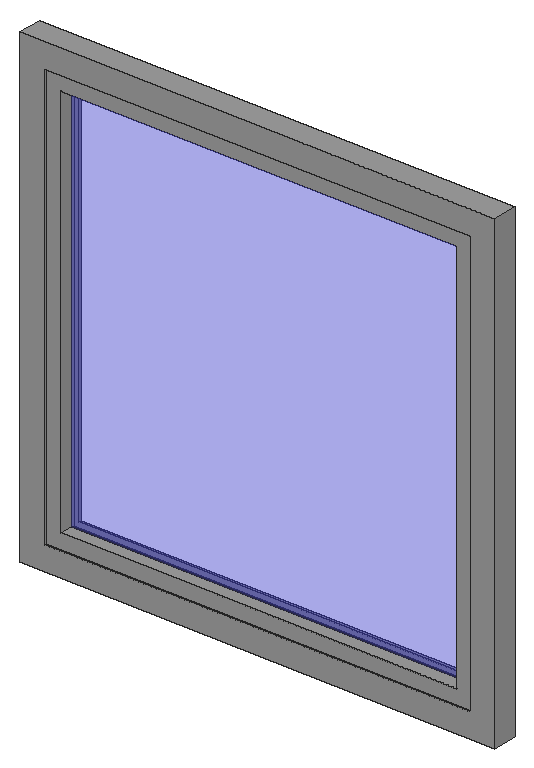
Revit family "12PL OC001_v02", category Windows, host Wall, Revit 2015
Parameters
  Wall Thickness [instance] = 0' - 6"
  URL = "obe.com"
  Rough Width = Width + 0' 0 1/2"  # 4' - 0 1/2"
  Rough Height = Height + 0' 0 1/2"  # 4' - 0 1/2"
  Offset Limitation [instance] = if((Offset + 0' 2 1/2") > Wall Thickness, (Wall Thickness - 0' 2 1/2"), Offset)  # 0' - 0"
  Offset [instance] = 0' - 0"
  Model = "12PL OC001"
  Manufacturer = "Oldcastle Building Envelope®"
  Keynote = "08 51 00"
  Height = 4' - 0"
  Glass Material = Glass
  Frame Material = Aluminum
  Description = "SIGNATURE SERIES 12PL"
  Default Sill Height = 3' - 0"
  Wall Closure = By host
  Width = 4' - 0"
  Construction Type = ""
  Assembly Code = "B2020"
  Analytic Construction = "<None>"
Reference planes (in)
  plane 1 "Center (Front/Back)": y = 0
  plane 2: z = 0
  plane 3 "Center (Left/Right)": x = 0
  plane 4 "Left": x = -24.25
  plane 5 "Right": x = 24.25
  plane 6 "Sill": z = 36
  plane 7 "Top": z = 84.5
  plane 8: x = 24
  plane 9: x = -24
  plane 10: z = 84.25
  plane 11: z = 36.25
  plane 12 "Offset": y = 3
  plane 13: z = 80.9995
  plane 14: z = 39.5005
  plane 15 "EXT": y = 2.96875
  plane 16: z = 60.25
Forms (in)
  Sweep 1, solid, material "Aluminum" <- "Frame Material"
    path origin (0, 3, 0) x (1, 0, 0) y (0, 0, 1)
      loop
        line (-24, 83.125) -> (-24, 37.375)
    profile origin (-24, 3, 60.25) x (0, -1, 0) y (1, 0, 0)
      loop
        line (-0.15625, 1.125) -> (-0.15625, 2.063) -> (2.3125, 2.063) -> (2.3125, 3.751) -> (1.03125, 3.751) -> (1.03125, 3.2505) -> (0.03125, 3.2505) -> (0.03125, 3.7505) -> (-0.25, 3.7505) -> (-0.25, 1.125) -> (-0.15625, 1.125)
  Sweep 2, solid, material "Aluminum" <- "Frame Material"
    path origin (0, 3, 0) x (-1, 0, 0) y (0, 0, 1)
      loop
        line (-24, 83.125) -> (-24, 37.375)
    profile origin (24, 3, 60.25) x (0, -1, 0) y (1, 0, 0)
      loop
        line (-0.15625, -1.125) -> (-0.25, -1.125) -> (-0.25, -3.7505) -> (0.03125, -3.7505) -> (0.03125, -3.2505) -> (1.03125, -3.2505) -> (1.03125, -3.751) -> (2.3125, -3.751) -> (2.3125, -2.063) -> (-0.15625, -2.063) -> (-0.15625, -1.125)
  Sweep 3, solid, material "Aluminum" <- "Frame Material"
    path origin (0, 3, 0) x (1, 0, 0) y (0, 0, 1)
      loop
        line (-22.875, 36.25) -> (22.875, 36.25)
    profile origin (0, 3, 36.25) x (0, 0, 1) y (0, -1, 0)
      loop
        line (1.125, -0.15625) -> (1.125, -0.25) -> (3.7505, -0.25) -> (3.7505, 0.03125) -> (3.2505, 0.03125) -> (3.2505, 1.03125) -> (3.751, 1.03125) -> (3.751, 2.3125) -> (2.063, 2.3125) -> (2.063, -0.15625) -> (1.125, -0.15625)
  Sweep 4, solid, material "Aluminum" <- "Frame Material"
    path origin (0, 3, 120.5) x (1, 0, 0) y (0, 0, -1)
      loop
        line (-22.875, 36.25) -> (22.875, 36.25)
    profile origin (0, 3, 84.25) x (0, 0, 1) y (0, -1, 0)
      loop
        line (-1.125, -0.15625) -> (-2.063, -0.15625) -> (-2.063, 2.3125) -> (-3.751, 2.3125) -> (-3.751, 1.03125) -> (-3.2505, 1.03125) -> (-3.2505, 0.03125) -> (-3.7505, 0.03125) -> (-3.7505, -0.25) -> (-1.125, -0.25) -> (-1.125, -0.15625)
  Extrusion 5, solid, material "Glass" <- "Glass Material", detail levels coarse
    sketch origin (0, 0, 36) x (0, -1, 0) y (1, 0, 0)
      loop
        line (-2.96875, 20.7495) -> (-2.96875, -20.7495) -> (-1.96875, -20.7495) -> (-1.96875, 20.7495) -> (-2.96875, 20.7495)
    from 3.5005 to 44.9995
  Extrusion 6, solid, material "Glass" <- "Glass Material", detail levels medium+fine
    sketch origin (0, 0, 36) x (0, -1, 0) y (1, 0, 0)
      loop
        line (-2.96875, -20.7495) -> (-2.71875, -20.7495) -> (-2.71875, 20.7495) -> (-2.96875, 20.7495) -> (-2.96875, -20.7495)
      loop
        line (-2.20605, 20.7495) -> (-2.20605, -20.7495) -> (-1.96875, -20.7495) -> (-1.96875, 20.7495) -> (-2.20605, 20.7495)
    from 3.5005 to 44.9995
  Sweep 7, solid, material "Aluminum" <- "Frame Material"
    path origin (0, 3, 0) x (1, 0, 0) y (0, 0, 1)
      loop
        line (24.25, 84.25) -> (-24.25, 84.25)
    profile origin (0, 3, 84.25) x (0, 0, -1) y (0, -1, 0)
      loop
        line (2.25, 2.5) -> (-0.25, 2.5) -> (-0.25, 0) -> (1.375, 0) -> (1.375, 2.40625) -> (2.25, 2.40625) -> (2.25, 2.5)
  Sweep 8, solid, material "Aluminum" <- "Frame Material"
    path origin (0, 3, 0) x (1, 0, 0) y (0, 0, 1)
      loop
        line (24.25, 36.25) -> (-24.25, 36.25)
    profile origin (0, 3, 36.25) x (0, 0, -1) y (0, -1, 0)
      loop
        line (-1.375, 0) -> (0.25, 0) -> (0.25, 2.5) -> (-2.25, 2.5) -> (-2.25, 2.40625) -> (-1.375, 2.40625) -> (-1.375, 0)
  Sweep 9, solid, material "Aluminum" <- "Frame Material"
    path origin (0, 3, 0) x (1, 0, 0) y (0, 0, 1)
      loop
        line (-24, 84.5) -> (-24, 36)
    profile origin (-24, 3, 60.25) x (0, -1, 0) y (1, 0, 0)
      loop
        line (2.5, 2.25) -> (2.40625, 2.25) -> (2.40625, 1.375) -> (0, 1.375) -> (0, -0.25) -> (2.5, -0.25) -> (2.5, 2.25)
  Sweep 10, solid, material "Aluminum" <- "Frame Material"
    path origin (0, 3, 0) x (1, 0, 0) y (0, 0, 1)
      loop
        line (24.25, 36) -> (24.25, 84.5)
    profile origin (24.25, 3, 60.25) x (-1, 0, 0) y (0, -1, 0)
      loop
        line (1.625, 0) -> (1.625, 2.40625) -> (2.5, 2.40625) -> (2.5, 2.5) -> (0, 2.5) -> (0, 0) -> (1.625, 0)
Cuts and joins
  joined: Sweep 1, Sweep 2, Sweep 3, Sweep 4
  joined: Sweep 7, Sweep 8, Sweep 9, Sweep 10
Lines and regions (in)
  Opening 1
    outline origin (-60.68597, -3, 0) x (1, 0, 0) y (0, 0, 1)
      loop
        line (36.43597, 84.5) -> (36.43597, 36) -> (84.93597, 36) -> (84.93597, 84.5) -> (36.43597, 84.5)
  model lines, style "Opening Direction"
    curve 1: line (-20.249, 2.96875, 80.499) -> (20.249, 2.96875, 60.25)
    curve 2: line (20.249, 2.96875, 60.25) -> (-20.249, 2.96875, 40.001)
Text (in)
  text "EXTERIOR" at (-58.6888, 50.90694, 0), in view "Ref. Level"
  text "INTERIOR" at (-58.6888, -47.76638, 0), in view "Ref. Level"
  text "Exterior" at (0, 43.65631, 123.19604), in view "Left"
  text "Exterior" at (0, 18.29385, 125.04747), in view "Right"
  text "Min Operable Size\n\n18\" width x 18\" height\n\n\n\nMax Operable Size\n\n48\" x 72\"\n\n\n\nMax Operable Area\n\n15 square feet\n\n\n\n\n\nOperable Width must be less than or equal to height." at (92.63041, 50.90694, 0), in view "Ref. Level"
Dimensions and locks (in)
  equal spacing: plane 4 "Left", plane 3 "Center (Left/Right)", plane 5 "Right"
  "Rough Height": plane 6 "Sill" to plane 7 "Top"
  "Default Sill Height": plane 2 to plane 6 "Sill"
  locked: plane 6 "Sill" to plane 11 at 0.25
  locked: plane 8 to plane 5 "Right" at 0.25
  "Height": plane 11 to plane 10
  "Offset Limitation": plane 12 "Offset" to host wall
  "Wall Thickness": host wall to host wall
  "Width": plane 9 to plane 8
  "Rough Width": plane 4 "Left" to plane 5 "Right"
  Extrusion 5 sketch curve to Extrusion 5 sketch curve to plane 12 "Offset" = 0' - 1" locked, 0' - 0 1/32" locked
  locked: plane 13 to plane 10 at 3.2505
  locked: plane 11 to plane 14 at 3.2505
  Extrusion 6 sketch curve to Extrusion 6 sketch curve to Extrusion 6 sketch curve to Extrusion 6 sketch curve to plane 12 "Offset" = 0' - 0.2373" locked, 0' - 0.5127" locked, 0' - 0 1/4" locked, 0' - 0 1/32" locked
  locked: plane 15 "EXT" to plane 12 "Offset" at 0.03125
  equal spacing: plane 6 "Sill", plane 16, plane 7 "Top"
  locked: Sweep 2 sketch curve to plane 10 at 1.125
  locked: plane 11 to Sweep 2 sketch curve at 1.125
  locked: plane 9 to Sweep 3 sketch curve at 1.125
  locked: Sweep 3 sketch curve to plane 8 at 1.125
  locked: plane 6 "Sill" to Sweep 1 sketch curve at 1.375
  locked: Sweep 1 sketch curve to plane 7 "Top" at 1.375
  locked: Sweep 4 sketch curve to plane 5 "Right" at 1.375
  locked: plane 4 "Left" to Sweep 4 sketch curve at 1.375
  aligned and locked: plane 7 "Top" to Opening 1 sketch curve
  aligned and locked: plane 6 "Sill" to Opening 1 sketch curve  (x2)
  aligned and locked: plane 5 "Right" to Opening 1 sketch curve
  aligned and locked: plane 4 "Left" to Opening 1 sketch curve
  aligned and locked: level to plane 2
  aligned and locked: nested 2 to plane 11
  aligned and locked: plane 9 to Sweep 1 sketch curve
  aligned and locked: Sweep 2 sketch curve to plane 8
  aligned and locked: plane 11 to Sweep 3 sketch curve
  aligned and locked: Sweep 4 sketch curve to plane 10
  aligned and locked: Extrusion 5 to plane 13
  aligned and locked: plane 14 to Extrusion 5
  aligned and locked: nested 1 to plane 11
  aligned and locked: plane 12 "Offset" to nested 1
  aligned and locked: plane 3 "Center (Left/Right)" to nested 2
  aligned and locked: plane 12 "Offset" to nested 2
  aligned and locked: plane 14 to Extrusion 6
  aligned and locked: Extrusion 6 to plane 13
  aligned and locked: plane 16 to curve 1
  aligned and locked: plane 4 "Left" to Sweep 7 sketch curve
  aligned and locked: plane 5 "Right" to Sweep 7 sketch curve
  aligned and locked: plane 11 to Sweep 8 sketch curve
  aligned and locked: plane 4 "Left" to Sweep 8 sketch curve
  aligned and locked: plane 5 "Right" to Sweep 8 sketch curve
  aligned and locked: Sweep 9 sketch curve to plane 9
  aligned and locked: plane 6 "Sill" to Sweep 9 sketch curve
  aligned and locked: plane 7 "Top" to Sweep 9 sketch curve
  aligned and locked: plane 5 "Right" to Sweep 10 sketch curve
  aligned and locked: plane 7 "Top" to Sweep 10 sketch curve
  aligned and locked: plane 6 "Sill" to Sweep 10 sketch curve
  aligned and locked: plane 3 "Center (Left/Right)" to nested 1
Automatic sketch dimensions
  Sweep 1 sketch curve to plane 12 "Offset" = 0' - 0 5/32"
  Sweep 1 sketch curve to plane 12 "Offset" = 0' - 0 1/4"
  plane 12 "Offset" to Sweep 1 sketch curve = 0' - 0 1/32"
  Sweep 1 sketch curve to Sweep 1 sketch curve = 0' - 1"
  Sweep 1 sketch curve to Sweep 1 sketch curve = 0' - 1 9/32"
  Sweep 1 sketch curve to profile plane = 0' - 1 1/8"
  Sweep 1 sketch curve to Sweep 1 sketch curve = 0' - 1 3/16"
  Sweep 1 sketch curve to Sweep 1 sketch curve = 0' - 0 1/2"
  Sweep 1 sketch curve to Sweep 1 sketch curve = 0' - 0.5005"
  Sweep 2 sketch curve to plane 12 "Offset" = 0' - 0 1/4"
  plane 12 "Offset" to Sweep 2 sketch curve = 0' - 0 1/32"
  Sweep 2 sketch curve to Sweep 2 sketch curve = 0' - 1"
  Sweep 2 sketch curve to Sweep 2 sketch curve = 0' - 1 9/32"
  Sweep 2 sketch curve to Sweep 2 sketch curve = 0' - 1 3/16"
  Sweep 2 sketch curve to Sweep 2 sketch curve = 0' - 0 1/2"
  Sweep 2 sketch curve to Sweep 2 sketch curve = 0' - 0.5005"
  Sweep 3 sketch curve to plane 12 "Offset" = 0' - 0 1/4"
  Sweep 3 sketch curve to profile plane = 0' - 1 1/8"
  plane 12 "Offset" to Sweep 3 sketch curve = 0' - 0 1/32"
  Sweep 3 sketch curve to Sweep 3 sketch curve = 0' - 0 1/2"
  Sweep 3 sketch curve to Sweep 3 sketch curve = 0' - 0.5005"
  Sweep 3 sketch curve to Sweep 3 sketch curve = 0' - 1"
  plane 12 "Offset" to Sweep 4 sketch curve = 0' - 1 1/32"
  plane 12 "Offset" to Sweep 4 sketch curve = 0' - 0 1/32"
  Sweep 4 sketch curve to Sweep 4 sketch curve = 0' - 0.0005"
  Sweep 4 sketch curve to Sweep 4 sketch curve = 0' - 0 1/2"
  Sweep 4 sketch curve to plane 12 "Offset" = 0' - 0 1/4"
  profile plane to Sweep 4 sketch curve = 0' - 1 1/8"
  Extrusion 5 sketch curve to plane 9 = 0' - 3.2505"
  plane 8 to Extrusion 5 sketch curve = 0' - 3.2505"
  Extrusion 6 sketch curve to plane 9 = 0' - 3.2505"
  Extrusion 6 sketch curve to Extrusion 6 sketch curve = 0' - 0"  (x2)
  plane 8 to Extrusion 6 sketch curve = 0' - 3.2505"
  curve 2 to plane 14 = 0' - 0.5005"
  curve 2 to plane 9 = 0' - 3.751"
  plane 13 to curve 1 = 0' - 0.5005"
  curve 1 to plane 9 = 0' - 3.751"
  plane 8 to curve 2 = 0' - 3.751"
  Sweep 3 sketch curve to Sweep 3 sketch curve = 0' - 1 3/16"
  Sweep 3 sketch curve to Sweep 3 sketch curve = 0' - 1 9/32"
  Sweep 3 sketch curve to plane 12 "Offset" = 0' - 0 5/32"
  Sweep 3 sketch curve to Sweep 3 sketch curve = 0' - 0.938"
  Sweep 4 sketch curve to Sweep 4 sketch curve = 0' - 1 9/32"
  Sweep 4 sketch curve to Sweep 4 sketch curve = 0' - 1.688"
  Sweep 4 sketch curve to plane 12 "Offset" = 0' - 0 5/32"
  Sweep 4 sketch curve to Sweep 4 sketch curve = 0' - 0.938"
  Sweep 1 sketch curve to Sweep 1 sketch curve = 0' - 0.938"
  profile plane to Sweep 2 sketch curve = 0' - 1 1/8"
  Sweep 2 sketch curve to plane 12 "Offset" = 0' - 0 5/32"
  Sweep 2 sketch curve to Sweep 2 sketch curve = 0' - 0.938"
  Sweep 7 sketch curve to plane 10 = 0' - 0"
  Sweep 7 sketch curve to plane 12 "Offset" = 0' - 0"
  profile plane to Sweep 7 sketch curve = 0' - 0 1/4"
  Sweep 7 sketch curve to profile plane = 0' - 1 3/8"
  Sweep 7 sketch curve to Sweep 7 sketch curve = 0' - 0 7/8"
  Sweep 7 sketch curve to Sweep 7 sketch curve = 0' - 2 13/32"
  Sweep 7 sketch curve to Sweep 7 sketch curve = 0' - 0 3/32"
  profile plane to Sweep 8 sketch curve = 0' - 2 1/4"
  Sweep 8 sketch curve to Sweep 8 sketch curve = 0' - 0 7/8"
  Sweep 8 sketch curve to profile plane = 0' - 0 1/4"
  Sweep 8 sketch curve to Sweep 8 sketch curve = 0' - 0 3/32"
  Sweep 8 sketch curve to Sweep 8 sketch curve = 0' - 2 13/32"
  Sweep 8 sketch curve to plane 12 "Offset" = 0' - 0"
  Sweep 9 sketch curve to Sweep 9 sketch curve = 0' - 0 3/32"
  profile plane to Sweep 9 sketch curve = 0' - 0 1/4"
  plane 12 "Offset" to Sweep 9 sketch curve = 0' - 0"
  Sweep 9 sketch curve to Sweep 9 sketch curve = 0' - 2 13/32"
  Sweep 9 sketch curve to profile plane = 0' - 1 3/8"
  Sweep 9 sketch curve to Sweep 9 sketch curve = 0' - 0 7/8"
  plane 12 "Offset" to Sweep 10 sketch curve = 0' - 0"
  Sweep 10 sketch curve to profile plane = 0' - 0"
  Sweep 10 sketch curve to Sweep 10 sketch curve = 0' - 0 7/8"
  Sweep 10 sketch curve to profile plane = 0' - 1 5/8"
  Sweep 10 sketch curve to Sweep 10 sketch curve = 0' - 2 13/32"
  Sweep 10 sketch curve to Sweep 10 sketch curve = 0' - 0 3/32"
Nested families (in)
  nested 1: "S-12PL-Plan View" at (0, 3, 0.25), Default Sill Height <- "Default Sill Height", Height <- "Height", Width <- "Width", type "S-12PL-Plan View"
    with Width 4' - 0", Height 4' - 0", Default Sill Height 3' - 0"
  nested 2: "S-12PL-Section Operable" at (0, 3, 0.25), Default Sill Height <- "Default Sill Height", Height <- "Height", Width <- "Width", type "S-12PL-Section Operable"
    with Width 4' - 0", Height 4' - 0", Default Sill Height 3' - 0"
Definition of nested family "S-12PL-Plan View"
  Parameters (values of type "S-12PL-Plan View")
    Width [instance] = 3' - 0"
    Height [instance] = 4' - 0"
    Default Sill Height [instance] = 3' - 0"
    Analytic Construction = "<None>"
  Reference planes (in)
    plane 1 "Center (Front/Back)": y = 0
    plane 2: z = 0
    plane 3 "Center (Left/Right)": x = 0
    plane 4: z = 36
  Lines and regions (in)
    model lines, not visible
      curve 1: line (0, 0, 36) -> (0, 0, 84)
  Dimensions and locks (in)
    "Default Sill Height": plane 4 to plane 2
    "Height": curve 1 to plane 4
    aligned and locked: plane 2 to level
    aligned and locked: plane 3 "Center (Left/Right)" to nested 1
    aligned and locked: plane 1 "Center (Front/Back)" to nested 1
    aligned and locked: plane 4 to curve 1
    aligned and locked: plane 1 "Center (Front/Back)" to curve 1
  Nested families (in)
    nested 1: "S-12PL-Plan View" at (-18, 0, 0), Width <- "Width", type "S-12PL-Plan View"
      with Width 3' - 0"
  Definition of nested family "S-12PL-Plan View"
    Parameters (values of type "S-12PL-Plan View")
      Width [instance] = 2' - 0"
    Reference planes (in)
      plane 1 "Center (Front/Back)": y = 0
      plane 2: z = 0
      plane 3 "C": x = 0
      plane 4: x = 24
      plane 5: x = 20.7495
      plane 6: x = 3.2505
      plane 7 "Center (Left/Right)": x = 12
    Lines and regions (in)
      detail lines, in view "Ref. Level", detail levels medium+fine
        curve 1: line (3.2505, -0.28125, 0) -> (20.7495, -0.28125, 0)
        curve 10: line (3.2505, -0.79395, 0) -> (20.7495, -0.79395, 0)
      detail lines, in view "Ref. Level", detail levels fine
        curve 2: line (3.2505, -0.21125, 0) -> (20.7495, -0.21125, 0)
        curve 3: line (3.2505, -0.15125, 0) -> (20.7495, -0.15125, 0)
        curve 4: line (3.2505, -0.09125, 0) -> (20.7495, -0.09125, 0)
        curve 7: line (3.2505, -0.97395, 0) -> (20.7495, -0.97395, 0)
        curve 8: line (3.2505, -0.91395, 0) -> (20.7495, -0.91395, 0)
        curve 9: line (3.2505, -0.85395, 0) -> (20.7495, -0.85395, 0)
      detail lines, in view "Ref. Level"
        curve 5: line (3.2505, -0.03125, 0) -> (20.7495, -0.03125, 0)
        curve 6: line (3.2505, -1.03125, 0) -> (20.7495, -1.03125, 0)
    Dimensions and locks (in)
      "Width": plane 3 "C" to plane 4
      locked: plane 3 "C" to plane 6 at 3.2505
      locked: plane 5 to plane 4 at 3.2505
      equal spacing: plane 3 "C", plane 7 "Center (Left/Right)", plane 4
      aligned and locked: nested 2 to plane 3 "C"
      aligned and locked: nested 1 to plane 4
      aligned and locked: nested 1 to plane 1 "Center (Front/Back)"
      aligned and locked: plane 6 to curve 1
      aligned and locked: plane 5 to curve 1
    Automatic sketch dimensions
      curve 10 to plane 6 = 0' - 0"
      curve 2 to plane 6 = 0' - 0"
      curve 9 to plane 6 = 0' - 0"
      curve 3 to plane 6 = 0' - 0"
      curve 8 to plane 6 = 0' - 0"
      curve 4 to plane 6 = 0' - 0"
      curve 7 to plane 6 = 0' - 0"
      curve 5 to plane 6 = 0' - 0"
      curve 6 to plane 6 = 0' - 0"
      curve 5 to plane 5 = 0' - 0"
      curve 6 to plane 5 = 0' - 0"
      curve 4 to plane 5 = 0' - 0"
      curve 7 to plane 5 = 0' - 0"
      curve 3 to plane 5 = 0' - 0"
      curve 8 to plane 5 = 0' - 0"
      curve 2 to plane 5 = 0' - 0"
      curve 9 to plane 5 = 0' - 0"
      curve 10 to plane 5 = 0' - 0"
      plane 1 "Center (Front/Back)" to curve 6 = 0' - 1 1/32"
      curve 6 to curve 7 = 0' - 0.0573"
      curve 7 to curve 8 = 0' - 0.06"
      curve 8 to curve 9 = 0' - 0.06"
      curve 9 to curve 10 = 0' - 0.06"
      plane 1 "Center (Front/Back)" to curve 1 = 0' - 0 9/32"
      curve 1 to curve 2 = 0' - 0.07"
      curve 2 to curve 3 = 0' - 0.06"
      curve 3 to curve 4 = 0' - 0.06"
      plane 1 "Center (Front/Back)" to curve 5 = 0' - 0 1/32"
    Nested families (in)
      nested 1: "S-12PL-JAMB L" at (24, 0, 0) x (-1, 0, 0) z (0, 0, 1), type "S-12PL-JAMB L", in view "Ref. Level"
      nested 2: "S-12PL-JAMB R" at (0, 0, 0) x (-1, 0, 0) z (0, 0, 1), type "S-12PL-JAMB R", in view "Ref. Level"
    Definition of nested family "S-12PL-JAMB L"
      Reference planes (in)
        plane 1 "Center (Front/Back)": y = 0
        plane 2: z = 0
        plane 3 "Center (Left/Right)": x = 0
      Lines and regions (in)
        detail lines, in view "Ref. Level"
          curve 1: line (2.25, 2.5, 0) -> (0, 2.5, 0)
          curve 2: line (0, 2.5, 0) -> (-0.25, 2.5, 0)
          curve 3: line (-0.25, 2.5, 0) -> (-0.25, 0, 0)
          curve 4: line (-0.25, 0, 0) -> (1.125, 0, 0)
          curve 5: line (1.125, 0, 0) -> (1.125, -0.25, 0)
          curve 6: line (1.125, -0.25, 0) -> (3.7505, -0.25, 0)
          curve 7: line (3.7505, -0.25, 0) -> (3.7505, 0.03125, 0)
          curve 8: line (3.7505, 0.03125, 0) -> (3.2505, 0.03125, 0)
          curve 9: line (3.2505, 0.03125, 0) -> (3.2505, 1.03125, 0)
          curve 10: line (3.2505, 1.03125, 0) -> (3.751, 1.03125, 0)
          curve 11: line (3.751, 1.03125, 0) -> (3.751, 2.3125, 0)
          curve 12: line (3.751, 2.3125, 0) -> (2.25, 2.3125, 0)
          curve 13: line (2.25, 2.3125, 0) -> (2.25, 2.5, 0)
    Definition of nested family "S-12PL-JAMB R"
      Reference planes (in)
        plane 1 "Center (Front/Back)": y = 0
        plane 2: z = 0
        plane 3 "Center (Left/Right)": x = 0
      Lines and regions (in)
        detail lines, in view "Ref. Level"
          curve 1: line (-2.25, 2.5, 0) -> (0, 2.5, 0)
          curve 2: line (0, 2.5, 0) -> (0.25, 2.5, 0)
          curve 3: line (0.25, 2.5, 0) -> (0.25, 0, 0)
          curve 4: line (0.25, 0, 0) -> (-1.125, 0, 0)
          curve 5: line (-1.125, 0, 0) -> (-1.125, -0.25, 0)
          curve 6: line (-1.125, -0.25, 0) -> (-3.7505, -0.25, 0)
          curve 7: line (-3.7505, -0.25, 0) -> (-3.7505, 0.03125, 0)
          curve 8: line (-3.7505, 0.03125, 0) -> (-3.2505, 0.03125, 0)
          curve 9: line (-3.2505, 0.03125, 0) -> (-3.2505, 1.03125, 0)
          curve 10: line (-3.2505, 1.03125, 0) -> (-3.751, 1.03125, 0)
          curve 11: line (-3.751, 1.03125, 0) -> (-3.751, 2.3125, 0)
          curve 12: line (-3.751, 2.3125, 0) -> (-2.25, 2.3125, 0)
          curve 13: line (-2.25, 2.3125, 0) -> (-2.25, 2.5, 0)
Definition of nested family "S-12PL-Section Operable"
  Parameters (values of type "S-12PL-Section Operable")
    Width [instance] = 2' - 0"
    Height [instance] = 2' - 0"
    Default Sill Height [instance] = 2' - 0"
    Analytic Construction = "<None>"
  Reference planes (in)
    plane 1 "Center (Front/Back)": y = 0
    plane 2: z = 0
    plane 3 "Center (Left/Right)": x = 0
    plane 4: z = 24
  Lines and regions (in)
    model lines, not visible
      curve 1: line (-12, 0, 0) -> (12, 0, 0)
  Dimensions and locks (in)
    equal spacing: curve 1, plane 3 "Center (Left/Right)", curve 1
    "Width": curve 1 to curve 1
    "Default Sill Height": plane 4 to plane 2
    aligned and locked: plane 2 to level
    aligned and locked: nested 1 to plane 1 "Center (Front/Back)"
    aligned and locked: plane 4 to nested 1
    aligned and locked: plane 1 "Center (Front/Back)" to curve 1
  Nested families (in)
    nested 1: "S-12PL-Section Operable" at (0, 0, 24) x (0, -1, 0) z (1, 0, 0), Height <- "Height", type "S-12PL-Section Operable"
      with Height 2' - 0"
  Definition of nested family "S-12PL-Section Operable"
    Parameters (values of type "S-12PL-Section Operable")
      Height [instance] = 3' - 0"
    Reference planes (in)
      plane 1 "Center (Front/Back)": y = 0
      plane 2: z = 0
      plane 3 "Center (Left/Right)": x = 0
      plane 4: y = 36
      plane 5: y = 32.7495
      plane 6: y = 3.2505
    Lines and regions (in)
      detail lines, in view "Ref. Level", detail levels medium+fine
        curve 1: line (0.26855, 32.7495, 0) -> (0.26855, 3.2505, 0)
        curve 9: line (0.78125, 32.7495, 0) -> (0.78125, 3.2505, 0)
      detail lines, in view "Ref. Level", detail levels fine
        curve 2: line (0.20855, 32.7495, 0) -> (0.20855, 3.2505, 0)
        curve 3: line (0.08855, 32.7495, 0) -> (0.08855, 3.2505, 0)
        curve 5: line (0.14855, 32.7495, 0) -> (0.14855, 3.2505, 0)
        curve 7: line (0.97125, 32.7495, 0) -> (0.97125, 3.2505, 0)
        curve 8: line (0.85125, 32.7495, 0) -> (0.85125, 3.2505, 0)
        curve 10: line (0.91125, 32.7495, 0) -> (0.91125, 3.2505, 0)
      detail lines, in view "Ref. Level"
        curve 4: line (0.03125, 32.7495, 0) -> (0.03125, 3.2505, 0)
        curve 6: line (1.03125, 32.7495, 0) -> (1.03125, 3.2505, 0)
    Dimensions and locks (in)
      "Height": plane 1 "Center (Front/Back)" to plane 4
      locked: plane 6 to plane 1 "Center (Front/Back)" at 3.2505
      locked: plane 4 to plane 5 at 3.2505
      aligned and locked: plane 1 "Center (Front/Back)" to nested 2
      aligned and locked: plane 3 "Center (Left/Right)" to nested 2
      aligned and locked: nested 1 to plane 4
      aligned and locked: plane 3 "Center (Left/Right)" to nested 1
      aligned and locked: plane 6 to curve 1
      aligned and locked: plane 5 to curve 1
    Automatic sketch dimensions
      curve 4 to plane 6 = 0' - 0"
      curve 4 to plane 5 = 0' - 0"
      curve 3 to plane 5 = 0' - 0"
      curve 3 to plane 6 = 0' - 0"
      curve 5 to plane 5 = 0' - 0"
      curve 5 to plane 6 = 0' - 0"
      curve 2 to plane 5 = 0' - 0"
      curve 2 to plane 6 = 0' - 0"
      curve 9 to plane 6 = 0' - 0"
      curve 9 to plane 5 = 0' - 0"
      curve 8 to plane 5 = 0' - 0"
      curve 8 to plane 6 = 0' - 0"
      curve 10 to plane 5 = 0' - 0"
      curve 10 to plane 6 = 0' - 0"
      curve 7 to plane 5 = 0' - 0"
      curve 7 to plane 6 = 0' - 0"
      curve 6 to plane 5 = 0' - 0"
      curve 6 to plane 6 = 0' - 0"
      plane 3 "Center (Left/Right)" to curve 4 = 0' - 0 1/32"
      curve 4 to curve 3 = 0' - 0.0573"
      curve 3 to curve 5 = 0' - 0.06"
      curve 5 to curve 2 = 0' - 0.06"
      curve 2 to curve 1 = 0' - 0.06"
      curve 1 to curve 9 = 0' - 0.5127"
      curve 9 to curve 8 = 0' - 0.07"
      curve 8 to curve 10 = 0' - 0.06"
      curve 10 to curve 7 = 0' - 0.06"
      curve 7 to curve 6 = 0' - 0.06"
    Nested families (in)
      nested 1: "S-12PL-HEAD" at (0, 36, 0), type "S-12PL-HEAD", in view "Ref. Level"
      nested 2: "S-12PL-SILL" at (0, 0, 0), type "S-12PL-SILL", in view "Ref. Level"
    Definition of nested family "S-12PL-HEAD"
      Reference planes (in)
        plane 1 "Center (Front/Back)": y = 0
        plane 2: z = 0
        plane 3 "Center (Left/Right)": x = 0
      Lines and regions (in)
        detail lines, in view "Ref. Level"
          curve 1: line (2.5, -2.25, 0) -> (2.5, 0.25, 0)
          curve 2: line (2.5, 0.25, 0) -> (0, 0.25, 0)
          curve 3: line (0, 0.25, 0) -> (0, -1.125, 0)
          curve 4: line (0, -1.125, 0) -> (-0.25, -1.125, 0)
          curve 5: line (-0.25, -1.125, 0) -> (-0.25, -3.7505, 0)
          curve 6: line (-0.25, -3.7505, 0) -> (0.03125, -3.7505, 0)
          curve 7: line (0.03125, -3.7505, 0) -> (0.03125, -3.2505, 0)
          curve 8: line (0.03125, -3.2505, 0) -> (1.03125, -3.2505, 0)
          curve 9: line (1.03125, -3.2505, 0) -> (1.03125, -3.751, 0)
          curve 10: line (1.03125, -3.751, 0) -> (2.3125, -3.751, 0)
          curve 11: line (2.3125, -3.751, 0) -> (2.3125, -2.25, 0)
          curve 12: line (2.3125, -2.25, 0) -> (2.5, -2.25, 0)
    Definition of nested family "S-12PL-SILL"
      Reference planes (in)
        plane 1 "Center (Front/Back)": y = 0
        plane 2: z = 0
        plane 3 "Center (Left/Right)": x = 0
      Lines and regions (in)
        detail lines, in view "Ref. Level"
          curve 1: line (2.5, -0.25, 0) -> (2.5, 2.25, 0)
          curve 2: line (2.5, 2.25, 0) -> (2.3125, 2.25, 0)
          curve 3: line (2.3125, 2.25, 0) -> (2.3125, 3.751, 0)
          curve 4: line (2.3125, 3.751, 0) -> (1.03125, 3.751, 0)
          curve 5: line (1.03125, 3.751, 0) -> (1.03125, 3.2505, 0)
          curve 6: line (1.03125, 3.2505, 0) -> (0.03125, 3.2505, 0)
          curve 7: line (0.03125, 3.2505, 0) -> (0.03125, 3.7505, 0)
          curve 8: line (0.03125, 3.7505, 0) -> (-0.25, 3.7505, 0)
          curve 9: line (-0.25, 3.7505, 0) -> (-0.25, 1.125, 0)
          curve 10: line (-0.25, 1.125, 0) -> (0, 1.125, 0)
          curve 11: line (0, 1.125, 0) -> (0, -0.25, 0)
          curve 12: line (0, -0.25, 0) -> (2.5, -0.25, 0)
